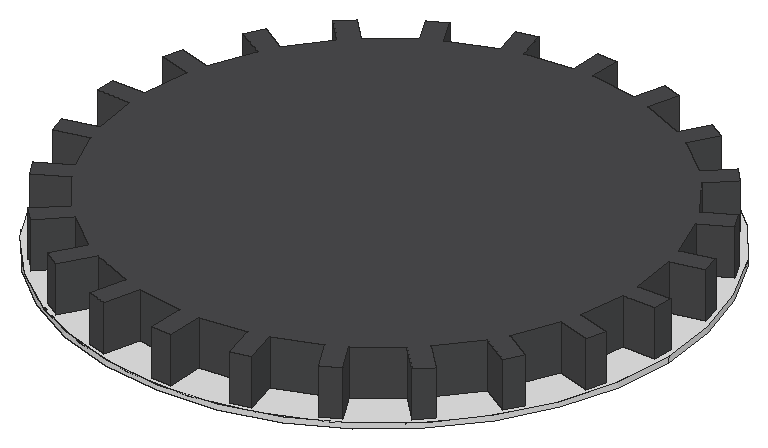
Revit family "DOWNLIGHT SLIM_LSD15CW", category Luminarias, Revit 2019
Family settings
  Cota de conector redondo = Diámetro de uso
  Tipo de pieza = Normal
  Se basa en plano de trabajo = Sí
  Siempre vertical = Sí
  Corte con vacíos al cargar = No
  Origen de luz = Sí
  Compartido = No
  Punto de cálculo de habitación = No
Parameters (values of type "DOWNLIGHT SLIM_LSD15CW")
  Ángulo de inclinación = 60.00°
  Ángulo de enfoque = 120.00°
  Ángulo de campo de foco = 120.00°
  Zone [instance] = ""
  Watt per fixture = 15
  Wattage = 15 W
  built-in parameter 1150107 = 4500 (stored number, unit not read)
  built-in parameter 1150110 = 1 (stored number, unit not read)
  built-in parameter 1150109 = 1 (stored number, unit not read)
  built-in parameter 1150112 = 1 (stored number, unit not read)
  built-in parameter 1150113 = 1 (stored number, unit not read)
  built-in parameter 1114218 = 1 (stored number, unit not read)
  Keynote = ""
  built-in parameter 1150137 = (empty or 0)
  built-in parameter 1150132 = (empty or 0)
  Modelo = "LSD15CW"
  Lámpara = "2835 SMD"
  Longitud de símbolo de origen de luz = 500 mm
  built-in parameter 1150105 = 4212.9 (stored number, unit not read)
  built-in parameter 1150102 = (empty or 0)
  built-in parameter 1150106 = 42.129 (stored number, unit not read)
  Lumens = 1260 lm
  Color Filter = 16777215
  built-in parameter 1114217 = 1 (stored number, unit not read)
  built-in parameter 1150139 = (empty or 0)
  Fabricante = "BRILLANT"
  Default Elevation = 1219.2 mm
  built-in parameter 1150104 = 7.8039 (stored number, unit not read)
  Descripción = "LUMINARIA TIPO CIRCULAR PARA EMPOTRAR EN TECHO CON CUERPO DE ALUMINIO Y VIDRIO SATINADO, IP 33 USO PARA INTERIORES CON CUERPO DE 0.77KG, CUENTA CON 1 LED TIPO 2835SMD CON UNA POTENCIA TOTAL DE 15W, A UNA TEMPERATURA EN BLANCO FRIO 4500K CON 1260 LUMENES, EFICIENCIA DE 84LM/W, IRC 80, APERTURA A 120 GRADOS EN STOCK, 300mA EN CORRIENTE DE OPERACIÓN, CON FUENTE EXTERNA REMOTAS ALIMENTADA A 90-240V."
  built-in parameter 1150115 = 1 (stored number, unit not read)
  built-in parameter 1150114 = 1 (stored number, unit not read)
  Comentarios de vataje = "90-240V"
  built-in parameter 1150138 = (empty or 0)
  built-in parameter 1150134 = (empty or 0)
  Circuit [instance] = ""
  Dimming Lamp Color Temperature Shift = (empty or 0)
  built-in parameter 1150133 = 10 (stored number, unit not read)
Reference planes
  plane 1 "Centro (Frontal/Posterior)": y = 0
  plane 2: z = 0
  plane 3 "Centro (Izquierda/Derecha)": x = 0
Forms (mm)
  Extrusion 1, solid, material "Cristal"
    sketch origin (0, 0, 0) x (1, 0, 0) y (0, 1, 0)
      loop
        circle (0, 0) r 60
    from -0.556 to 0
  Extrusion 2, solid, material "acabado blanco"
    sketch origin (0, 0, 0) x (1, 0, 0) y (0, 1, 0)
      loop
        circle (0, 0) r 75
      loop
        circle (0, 0) r 60
    from -1.355 to 0
  Extrusion 3, solid, material "Plastico"
    sketch origin (0, -0.049, 0.672) x (1, 0, 0) y (0, 1, 0)
      loop
        line (-2.5, 73.433) -> (-2.5, 65.687)
        arc (-2.5, 65.687) -> (-8.579, 65.167) -> (-14.582, 64.079) r 65
        line (-14.582, 64.079) -> (-16.591, 71.578) -> (-21.421, 70.284) -> (-19.407, 62.77)
        arc (-19.407, 62.77) -> (-25.132, 60.68) -> (-30.636, 58.063) r 65
        line (-30.636, 58.063) -> (-34.551, 64.845) -> (-38.881, 62.345) -> (-34.952, 55.538)
        arc (-34.952, 55.538) -> (-39.921, 52.032) -> (-44.541, 48.076) r 65
        line (-44.541, 48.076) -> (-50.157, 53.693) -> (-53.693, 50.157) -> (-48.048, 44.512)
        arc (-48.048, 44.512) -> (-51.918, 39.844) -> (-55.337, 34.836) r 65
        line (-55.337, 34.836) -> (-62.345, 38.881) -> (-64.845, 34.551) -> (-57.794, 30.481)
        arc (-57.794, 30.481) -> (-60.307, 24.986) -> (-62.298, 19.281) r 65
        line (-62.298, 19.281) -> (-70.284, 21.421) -> (-71.578, 16.591) -> (-63.539, 14.437)
        arc (-63.539, 14.437) -> (-64.534, 8.502) -> (-64.976, 2.5) r 65
        line (-64.976, 2.5) -> (-73.433, 2.5) -> (-73.433, -2.5) -> (-64.919, -2.5)
        arc (-64.919, -2.5) -> (-64.346, -8.466) -> (-63.225, -14.353) r 65
        line (-63.225, -14.353) -> (-71.578, -16.591) -> (-70.284, -21.421) -> (-61.878, -19.168)
        arc (-61.878, -19.168) -> (-59.791, -24.76) -> (-57.2, -30.138) r 65
        line (-57.2, -30.138) -> (-64.845, -34.551) -> (-62.345, -38.881) -> (-54.658, -34.443)
        arc (-54.658, -34.443) -> (-51.214, -39.292) -> (-47.341, -43.805) r 65
        line (-47.341, -43.805) -> (-53.693, -50.157) -> (-50.157, -53.693) -> (-43.777, -47.312)
        arc (-43.777, -47.312) -> (-39.216, -51.102) -> (-34.329, -54.46) r 65
        line (-34.329, -54.46) -> (-38.881, -62.345) -> (-34.551, -64.845) -> (-29.985, -56.935)
        arc (-29.985, -56.935) -> (-24.616, -59.423) -> (-19.044, -61.412) r 65
        line (-19.044, -61.412) -> (-21.421, -70.284) -> (-16.591, -71.578) -> (-14.21, -62.692)
        arc (-14.21, -62.692) -> (-8.39, -63.721) -> (-2.5, -64.217) r 65
        line (-2.5, -64.217) -> (-2.5, -73.433) -> (2.5, -73.433) -> (2.5, -64.217)
        arc (2.5, -64.217) -> (8.39, -63.721) -> (14.21, -62.692) r 65
        line (14.21, -62.692) -> (16.591, -71.578) -> (21.421, -70.284) -> (19.044, -61.412)
        arc (19.044, -61.412) -> (24.616, -59.423) -> (29.985, -56.935) r 65
        line (29.985, -56.935) -> (34.551, -64.845) -> (38.881, -62.345) -> (34.329, -54.46)
        arc (34.329, -54.46) -> (39.216, -51.102) -> (43.777, -47.312) r 65
        line (43.777, -47.312) -> (50.157, -53.693) -> (53.693, -50.157) -> (47.341, -43.805)
        arc (47.341, -43.805) -> (51.214, -39.292) -> (54.658, -34.443) r 65
        line (54.658, -34.443) -> (62.345, -38.881) -> (64.845, -34.551) -> (57.2, -30.138)
        arc (57.2, -30.138) -> (59.791, -24.76) -> (61.878, -19.168) r 65
        line (61.878, -19.168) -> (70.284, -21.421) -> (71.578, -16.591) -> (63.225, -14.353)
        arc (63.225, -14.353) -> (64.346, -8.466) -> (64.919, -2.5) r 65
        line (64.919, -2.5) -> (73.433, -2.5) -> (73.433, 2.5) -> (64.976, 2.5)
        arc (64.976, 2.5) -> (64.534, 8.502) -> (63.539, 14.437) r 65
        line (63.539, 14.437) -> (71.578, 16.591) -> (70.284, 21.421) -> (62.298, 19.281)
        arc (62.298, 19.281) -> (60.307, 24.986) -> (57.794, 30.481) r 65
        line (57.794, 30.481) -> (64.845, 34.551) -> (62.345, 38.881) -> (55.337, 34.836)
        arc (55.337, 34.836) -> (51.918, 39.844) -> (48.048, 44.512) r 65
        line (48.048, 44.512) -> (53.693, 50.157) -> (50.157, 53.693) -> (44.541, 48.076)
        arc (44.541, 48.076) -> (39.921, 52.032) -> (34.952, 55.538) r 65
        line (34.952, 55.538) -> (38.881, 62.345) -> (34.551, 64.845) -> (30.636, 58.063)
        arc (30.636, 58.063) -> (25.132, 60.68) -> (19.407, 62.77) r 65
        line (19.407, 62.77) -> (21.421, 70.284) -> (16.591, 71.578) -> (14.582, 64.079)
        arc (14.582, 64.079) -> (8.579, 65.167) -> (2.5, 65.687) r 65
        line (2.5, 65.687) -> (2.5, 73.433) -> (-2.5, 73.433)
    from -0.672 to 11.328
Lines and regions (mm)
  model lines
    curve 1: line (-2.5, 52.389, 0) -> (2.5, 52.389, 0)
    curve 2: line (0, 52.389, 0) -> (0, 0, 0)
Dimensions and locks
  Extrusion 3 to level = 12 mm
  diameter of Extrusion 2 sketch curve = 150 mm
  aligned and locked: level to plane 2
  aligned and locked: Extrusion 3 to level
Connectors
  electrical at (0, 0.135, 12)
    settings: on Extrusion 3, index 1, voltage 240 V, apparent load 0 VA, apparent load phase1 0 VA, apparent load phase2 0 VA, apparent load phase3 0 VA, power factor 1, load classification "Otro", number of poles 1, system type 31, power factor state 1, is connector primary yes, connector utility no, sub classification motor no, connector description ""
